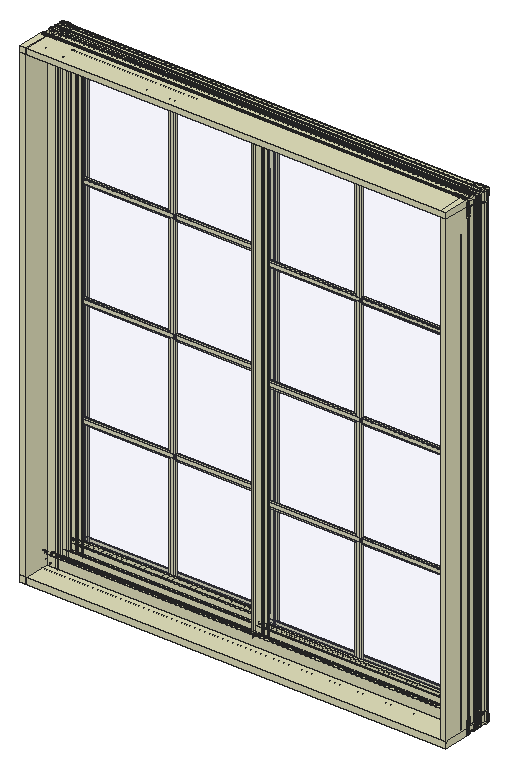
Revit family
Parameters
  Vertical Mullion 2 [instance] = and(Traditional Grille, not(Width > 5' 11 1/2"), and(Width > 5' 11 1/4"))  # no
  Vertical Mullion 1 [instance] = and(Traditional Grille, not(Width > 5' 11 1/4"), and(Width > 1' 11 1/4"))  # yes
  Unit Width = 3' - 11 1/2"
  Unit Height = 4' - 5 1/2"
  URL = "www.pella.com"
  Traditional Grille [instance] = yes
  Size Constraints = "Window Sizing constraints available in 1/4 inch (6.35 mm) increments"  # constant formula
  Set Back = 0' - 1 5/16"
  Series = "Impervia Series"  # constant formula
  Sections = ""
  Sash Width = Width - 0' 2 1/2"  # 3' - 9"
  Rough Width = Width + 0' 0 1/2"  # 4' - 0"
  Rough Height = Height + 0' 0 1/2"  # 4' - 6"
  Revisions Date = "07/29/2009"  # constant formula
  Prairie Grille [instance] = no
  OmniClass 23 = "23-30 00 00,23-30 20 00,23-30 20 14 17,23-30 20 17,23-30 20 17 14,23-30 20 17 14 14"  # constant formula
  MasterFormat 2004 = "08 00 00,08 50 00,08 52 00,08 53 13"  # constant formula
  Manufacturer = "Pella Windows & Doors"  # constant formula
  LEED = ""
  Interior Finish = Pella-Exterior Clad-Tan
  Horizontal Mullion 4 [instance] = and(Traditional Grille, not(Height > 5' 11 1/2"), and(Height > 5' 11 1/4"))  # no
  Horizontal Mullion 3 [instance] = and(Traditional Grille, not(Height > 5' 11 1/4"), and(Height > 3' 11 1/4"))  # yes
  Horizontal Mullion 2 [instance] = and(Traditional Grille, not(Height > 3' 11 1/4"), and(Height > 2' 11 1/4"))  # no
  Horizontal Mullion 1 [instance] = and(Traditional Grille, not(Height > 2' 11 1/4"), and(Height > 1' 5 1/4"))  # no
  Height = if(or(and(Unit Height < 5' 11 1/2", Unit Height > 1' 5 1/2"), or(Unit Height = 5' 11 1/2", Unit Height = 1' 5 1/2")), Unit Height, if(Unit Height < 1' 5 1/2", 1' 5 1/2", 5' 11 1/2"))  # 4' - 5 1/2"
  Head Height = Default Sill Height + Height  # 7' - 1"
  Grille Finish = Pella-Exterior Clad-Tan
  Glazing Type = Pella-Argon Filled, Low-E Insulating Glass
  Glazing = 0' - 0.71394"  # constant formula
  Exterior Finish = Pella-Exterior Clad-Tan
  Description = "Sliding Window - Fixed/Vent Unit"  # constant formula
  Default Sill Height = 2' - 7 1/2"
  Wall Closure = (empty or 0)
  Width = if(or(and(Unit Width < 5' 11 1/2", Unit Width > 1' 11 1/2"), or(Unit Width = 5' 11 1/2", Unit Width = 1' 11 1/2")), Unit Width, if(Unit Width < 1' 11 1/2", 1' 11 1/2", 5' 11 1/2"))  # 3' - 11 1/2"
  Assembly Code = "B2020100"
  Architectural Design Manual = "www.pellaadm.com"
  Architectural Data Sheet = "To be determined"
Reference planes (in)
  plane 1: y = 0
  plane 2 "Center (Left/Right)": x = 0
  plane 3 "Left": x = -23.75
  plane 4 "Right": x = 23.75
  plane 5 "Sill": z = 31.5
  plane 6 "Head": z = 85
  plane 7 "Exterior": y = 2.95276
  plane 8 "Interior": y = -2.95276
  plane 9 "Exterior Facade": y = 4.26526
  plane 10 "Set Back": y = 2.95276
  plane 11 "Left Sash": x = -22.5
  plane 12 "Right Sash": x = 22.5
  plane 13 "Interior Left": x = -21.0132
  plane 14 "Interior Right": x = 21.0132
  plane 15 "Head (Interior)": z = 83.75
  plane 16 "Sill (Interior)": z = 32.75
  plane 17 "Head-Interior": z = 82.2632
  plane 18 "Sill-Interior": z = 34.2368
  plane 19: z = 58.25
  plane 20 "Glazing Exterior - Exterior": y = 2.7192
  plane 21 "Glazing Exterior - Interior": y = 2.60109
  plane 22 "Glazing Interior - Exterior": y = 2.00526
  plane 23 "Glazing Interior - Interior": y = 2.12337
  plane 24 "2nd Glazing Head": z = 81.96131
  plane 25 "2nd Glazing Sill": z = 34.53869
  plane 26: x = 20.71131
  plane 27: x = -20.71131
  plane 28: x = 22.28129
  plane 29: x = 22.33637
  plane 30: x = 22.36729
  plane 31: x = 21.63029
  plane 32: x = 21.35029
  plane 33: x = 21.28029
  plane 34: x = 20.71766
  plane 35: x = 23.125
  plane 36: y = -0.04722
  plane 37: x = -23.125
  plane 38: y = -0.04722
  plane 39: z = 32.125
  plane 40: y = -0.04722
  plane 41: y = -0.04722
  plane 42: z = 84.375
  plane 43: z = 82.53029
  plane 44: z = 33.96971
  plane 45: x = -21.28029
  plane 46: x = 21.28029
  plane 47: x = -0.62953
  plane 48: x = 0.62953
  plane 49: x = -0.89661
  plane 50: x = 0.89661
  plane 51: x = -10.95491
  plane 52: x = 10.95491
  plane 53: y = 0.56855
  plane 54 "Glazing Interior - Exterior2": y = 0.68666
  plane 55: y = 1.16437
  plane 56 "Glazing Exterior - Exterior2": y = 1.28248
  plane 57: x = -0.42645
  plane 58: x = 0.42644
  plane 59: x = -14.3967
  plane 60: x = -7.51312
  plane 61: x = 7.51312
  plane 62: x = 14.3967
  plane 63: x = 14.7717
  plane 64: x = 14.0217
  plane 65: x = 7.88812
  plane 66: x = 7.13812
  plane 67: x = -14.7717
  plane 68: x = -14.0217
  plane 69: x = -7.88812
  plane 70: x = -7.13812
  plane 71: z = 50.2456
  plane 72: z = 66.2544
  plane 73: z = 50.6206
  plane 74: z = 49.8706
  plane 75: z = 65.8794
  plane 76: z = 66.6294
  plane 77: z = 66.6294
  plane 78: z = 65.8794
  plane 79: z = 50.6206
  plane 80: z = 49.8706
  plane 81: z = 46.2434
  plane 82: z = 58.25
  plane 83: z = 70.2566
  plane 84: z = 46.6184
  plane 85: z = 45.8684
  plane 86: z = 57.875
  plane 87: z = 58.625
  plane 88: z = 69.8816
  plane 89: z = 70.6316
  plane 90: z = 46.6184
  plane 91: z = 45.8684
  plane 92: z = 58.625
  plane 93: z = 57.875
  plane 94: z = 70.6316
  plane 95: z = 69.8816
  plane 96: z = 43.84208
  plane 97: z = 53.44736
  plane 98: z = 63.05264
  plane 99: z = 72.65792
  plane 100: z = 44.21708
  plane 101: z = 43.46708
  plane 102: z = 53.82236
  plane 103: z = 53.07236
  plane 104: z = 63.42764
  plane 105: z = 62.67764
  plane 106: z = 73.03292
  plane 107: z = 72.28292
  plane 108: z = 44.21708
  plane 109: z = 43.46708
  plane 110: z = 53.82236
  plane 111: z = 53.07236
  plane 112: z = 63.42764
  plane 113: z = 62.67764
  plane 114: z = 73.03292
  plane 115: z = 72.28292
  plane 116: x = 17.8636
  plane 117: x = 18.2386
  plane 118: x = 17.4886
  plane 119: x = -17.8636
  plane 120: x = -18.2386
  plane 121: x = -17.4886
  plane 122: z = 37.88802
  plane 123: z = 37.13802
  plane 124: z = 37.51302
  plane 125: z = 78.61198
  plane 126: z = 79.36198
  plane 127: z = 78.98698
  plane 128: z = 37.88802
  plane 129: z = 37.13802
  plane 130: z = 37.51302
  plane 131: z = 78.61198
  plane 132: z = 79.36198
  plane 133: z = 78.98698
  plane 134: x = 21.20155
  plane 135: z = 82.45155
  plane 136: x = 0.70827
  plane 137: z = 34.04845
  plane 138: x = 21.20155
  plane 139: z = 82.45155
  plane 140: x = 0.70827
  plane 141: z = 34.04845
  plane 142: x = -0.70827
  plane 143: z = 82.45155
  plane 144: x = -20.93446
  plane 145: z = 34.04845
  plane 146: x = -0.70827
  plane 147: z = 82.45155
  plane 148: x = -20.93446
  plane 149: z = 34.04845
Forms (in)
  Sweep 1, solid, material "Pella-Exterior Clad-Tan" <- "Exterior Finish"
    path origin (0, 2.95276, 0) x (1, 0, 0) y (0, 0, 1)
      loop
        line (-23.75, 31.5) -> (-23.75, 85)
    profile origin (-23.75, 2.95276, 58.25) x (-1, 0, 0) y (0, -1, 0)
      loop
        line (-0.22, 1.91998) -> (-0.22, 2.54998)
        arc (-0.22, 2.54998) -> (-0.18339, 2.63837) -> (-0.095, 2.67498) r 0.125
        arc (-0.095, 2.67498) -> (-0.06318, 2.68816) -> (-0.05, 2.71998) r 0.045
        line (-0.05, 2.71998) -> (-0.05, 2.90498)
        arc (-0.05, 2.90498) -> (-0.06318, 2.9368) -> (-0.095, 2.94998) r 0.045
        line (-0.095, 2.94998) -> (-1.688, 2.94998)
        arc (-1.688, 2.94998) -> (-1.71982, 2.9368) -> (-1.733, 2.90498) r 0.045
        line (-1.733, 2.90498) -> (-1.733, 2.82998)
        arc (-1.733, 2.82998) -> (-1.71982, 2.79816) -> (-1.688, 2.78498) r 0.045
        line (-1.688, 2.78498) -> (-1.52789, 2.78498)
        arc (-1.52789, 2.78498) -> (-1.47948, 2.76554) -> (-1.45796, 2.71802) r 0.07
        arc (-1.45796, 2.71802) -> (-1.44412, 2.68748) -> (-1.413, 2.67498) r 0.045
        line (-1.413, 2.67498) -> (-0.938, 2.67498)
        arc (-0.938, 2.67498) -> (-0.89016, 2.66547) -> (-0.84961, 2.63837) r 0.125
        arc (-0.84961, 2.63837) -> (-0.82252, 2.59782) -> (-0.813, 2.54998) r 0.125
        line (-0.813, 2.54998) -> (-0.813, 1.91998)
        arc (-0.813, 1.91998) -> (-0.79982, 1.88816) -> (-0.768, 1.87498) r 0.045
        line (-0.768, 1.87498) -> (-0.265, 1.87498)
        arc (-0.265, 1.87498) -> (-0.23318, 1.88816) -> (-0.22, 1.91998) r 0.045
      loop
        arc (-0.84961, 1.50359) -> (-0.89016, 1.4765) -> (-0.938, 1.46698) r 0.125
        line (-0.938, 1.46698) -> (-1.688, 1.46698)
        arc (-1.688, 1.46698) -> (-1.71982, 1.4538) -> (-1.733, 1.42198) r 0.045
        line (-1.733, 1.42198) -> (-1.733, 1.23198)
        arc (-1.733, 1.23198) -> (-1.71982, 1.20016) -> (-1.688, 1.18698) r 0.045
        line (-1.688, 1.18698) -> (-1.305, 1.18698)
        arc (-1.305, 1.18698) -> (-1.20318, 1.1448) -> (-1.161, 1.04298) r 0.144
        line (-1.161, 1.04298) -> (-1.161, 0.70298)
        arc (-1.161, 0.70298) -> (-1.19758, 0.62488) -> (-1.281, 0.60298) r 0.10167
        arc (-1.281, 0.60298) -> (-1.29514, 0.59712) -> (-1.301, 0.58298) r 0.02
        line (-1.301, 0.58298) -> (-1.301, 0.24498)
        arc (-1.301, 0.24498) -> (-1.2805, 0.19548) -> (-1.231, 0.17498) r 0.07
        line (-1.231, 0.17498) -> (-0.94153, 0.17498)
        arc (-0.94153, 0.17498) -> (-0.87464, 0.14847) -> (-0.84408, 0.08333) r 0.09764
        arc (-0.84408, 0.08333) -> (-0.828, 0.05928) -> (-0.80061, 0.04998) r 0.045
        line (-0.80061, 0.04998) -> (-0.095, 0.04998)
        arc (-0.095, 0.04998) -> (-0.06318, 0.06316) -> (-0.05, 0.09498) r 0.045
        line (-0.05, 0.09498) -> (-0.05, 0.27998)
        arc (-0.05, 0.27998) -> (-0.06318, 0.3118) -> (-0.095, 0.32498) r 0.045
        arc (-0.095, 0.32498) -> (-0.18339, 0.36159) -> (-0.22, 0.44998) r 0.125
        line (-0.22, 0.44998) -> (-0.22, 1.75998)
        arc (-0.22, 1.75998) -> (-0.23318, 1.7918) -> (-0.265, 1.80498) r 0.045
        line (-0.265, 1.80498) -> (-0.768, 1.80498)
        arc (-0.768, 1.80498) -> (-0.79982, 1.7918) -> (-0.813, 1.75998) r 0.045
        line (-0.813, 1.75998) -> (-0.813, 1.59198)
        arc (-0.813, 1.59198) -> (-0.82252, 1.54414) -> (-0.84961, 1.50359) r 0.125
      loop
        arc (-1.008, 1.54377) -> (-1.018, 1.56109) -> (-1.038, 1.56109) r 0.02
        line (-1.038, 1.56109) -> (-1.09816, 1.52636)
        arc (-1.09816, 1.52636) -> (-1.11505, 1.51937) -> (-1.13316, 1.51698) r 0.07
        line (-1.13316, 1.51698) -> (-1.688, 1.51698)
        arc (-1.688, 1.51698) -> (-1.75518, 1.48916) -> (-1.783, 1.42198) r 0.095
        line (-1.783, 1.42198) -> (-1.783, 1.13596)
        arc (-1.783, 1.13596) -> (-1.75497, 1.10845) -> (-1.72798, 1.13698) r 0.02752
        line (-1.72798, 1.13698) -> (-1.305, 1.13698)
        arc (-1.305, 1.13698) -> (-1.23853, 1.10945) -> (-1.211, 1.04298) r 0.094
        line (-1.211, 1.04298) -> (-1.211, 0.70298)
        arc (-1.211, 0.70298) -> (-1.23313, 0.65997) -> (-1.281, 0.65298) r 0.05286
        arc (-1.281, 0.65298) -> (-1.3305, 0.63248) -> (-1.351, 0.58298) r 0.07
        line (-1.351, 0.58298) -> (-1.351, 0.24498)
        arc (-1.351, 0.24498) -> (-1.31585, 0.16013) -> (-1.231, 0.12498) r 0.12
        line (-1.231, 0.12498) -> (-0.96185, 0.12498)
        arc (-0.96185, 0.12498) -> (-0.90983, 0.10349) -> (-0.88741, 0.05186) r 0.07499
        arc (-0.88741, 0.05186) -> (-0.86241, 0.01445) -> (-0.81979, -0.00002) r 0.07
        line (-0.81979, -0.00002) -> (-0.095, -0.00002)
        arc (-0.095, -0.00002) -> (-0.02782, 0.02781) -> (0, 0.09498) r 0.095
        line (0, 0.09498) -> (0, 0.27998)
        arc (0, 0.27998) -> (-0.02782, 0.34716) -> (-0.095, 0.37498) r 0.095
        arc (-0.095, 0.37498) -> (-0.13389, 0.39109) -> (-0.15, 0.42998) r 0.055
        line (-0.15, 0.42998) -> (-0.15, 0.8212)
        arc (-0.15, 0.8212) -> (-0.14048, 0.86904) -> (-0.11339, 0.90959) r 0.125
        line (-0.11339, 0.90959) -> (-0.03318, 0.9898)
        arc (-0.03318, 0.9898) -> (-0.02343, 1.0044) -> (-0.02, 1.02162) r 0.045
        line (-0.02, 1.02162) -> (-0.02, 1.08198)
        arc (-0.02, 1.08198) -> (-0.02892, 1.10247) -> (-0.05, 1.10991) r 0.028
        arc (-0.05, 1.10991) -> (-0.07108, 1.10247) -> (-0.08, 1.08198) r 0.028
        line (-0.08, 1.08198) -> (-0.08, 1.03498) -> (-0.13, 1.03498)
        arc (-0.13, 1.03498) -> (-0.14414, 1.04084) -> (-0.15, 1.05498) r 0.02
        line (-0.15, 1.05498) -> (-0.15, 1.51498)
        arc (-0.15, 1.51498) -> (-0.14414, 1.52912) -> (-0.13, 1.53498) r 0.02
        line (-0.13, 1.53498) -> (-0.08, 1.53498) -> (-0.08, 1.48798)
        arc (-0.08, 1.48798) -> (-0.07108, 1.46749) -> (-0.05, 1.46005) r 0.028
        arc (-0.05, 1.46005) -> (-0.02892, 1.46749) -> (-0.02, 1.48798) r 0.028
        line (-0.02, 1.48798) -> (-0.02, 1.54834)
        arc (-0.02, 1.54834) -> (-0.02343, 1.56556) -> (-0.03318, 1.58016) r 0.045
        line (-0.03318, 1.58016) -> (-0.1235, 1.67048)
        arc (-0.1235, 1.67048) -> (-0.13862, 1.68879) -> (-0.15, 1.70962) r 0.125
        arc (-0.15, 1.70962) -> (-0.13818, 1.74002) -> (-0.10892, 1.75445) r 0.045
        line (-0.10892, 1.75445) -> (-0.04108, 1.76039)
        arc (-0.04108, 1.76039) -> (-0.01182, 1.77481) -> (0, 1.80522) r 0.045
        line (0, 1.80522) -> (0, 1.87275)
        arc (0, 1.87275) -> (-0.01182, 1.90315) -> (-0.04108, 1.91757) r 0.045
        line (-0.04108, 1.91757) -> (-0.10892, 1.92351)
        arc (-0.10892, 1.92351) -> (-0.13818, 1.93794) -> (-0.15, 1.96834) r 0.045
        line (-0.15, 1.96834) -> (-0.15, 2.56998)
        arc (-0.15, 2.56998) -> (-0.13389, 2.60887) -> (-0.095, 2.62498) r 0.055
        arc (-0.095, 2.62498) -> (-0.02782, 2.65281) -> (0, 2.71998) r 0.095
        line (0, 2.71998) -> (0, 2.90498)
        arc (0, 2.90498) -> (-0.02782, 2.97216) -> (-0.095, 2.99998) r 0.095
        line (-0.095, 2.99998) -> (-1.688, 2.99998)
        arc (-1.688, 2.99998) -> (-1.75518, 2.97216) -> (-1.783, 2.90498) r 0.095
        line (-1.783, 2.90498) -> (-1.783, 2.69498)
        arc (-1.783, 2.69498) -> (-1.75702, 2.63992) -> (-1.698, 2.62498) r 0.07132
        arc (-1.698, 2.62498) -> (-1.67592, 2.63467) -> (-1.6681, 2.65748) r 0.03
        arc (-1.6681, 2.65748) -> (-1.67592, 2.68029) -> (-1.698, 2.68998) r 0.03
        arc (-1.698, 2.68998) -> (-1.7205, 2.71248) -> (-1.698, 2.73498) r 0.0225
        line (-1.698, 2.73498) -> (-1.528, 2.73498)
        arc (-1.528, 2.73498) -> (-1.5055, 2.71248) -> (-1.528, 2.68998) r 0.0225
        arc (-1.528, 2.68998) -> (-1.55008, 2.68029) -> (-1.5579, 2.65748) r 0.03
        arc (-1.5579, 2.65748) -> (-1.55008, 2.63467) -> (-1.528, 2.62498) r 0.03
        line (-1.528, 2.62498) -> (-1.13316, 2.62498)
        arc (-1.13316, 2.62498) -> (-1.11505, 2.6226) -> (-1.09816, 2.6156) r 0.07
        line (-1.09816, 2.6156) -> (-1.038, 2.58087)
        arc (-1.038, 2.58087) -> (-1.018, 2.58087) -> (-1.008, 2.59819) r 0.02
        arc (-1.008, 2.59819) -> (-1.0045, 2.61644) -> (-0.988, 2.62498) r 0.02128
        line (-0.988, 2.62498) -> (-0.95454, 2.62498)
        arc (-0.95454, 2.62498) -> (-0.90349, 2.59864) -> (-0.883, 2.54498) r 0.0805
        line (-0.883, 2.54498) -> (-0.883, 1.59698)
        arc (-0.883, 1.59698) -> (-0.90349, 1.54332) -> (-0.95454, 1.51698) r 0.0805
        line (-0.95454, 1.51698) -> (-0.988, 1.51698)
        arc (-0.988, 1.51698) -> (-1.0045, 1.52552) -> (-1.008, 1.54377) r 0.02128
  Sweep 2, solid, material "Pella-Exterior Clad-Tan" <- "Exterior Finish"
    path origin (0, 2.95276, 0) x (1, 0, 0) y (0, 0, 1)
      loop
        line (23.75, 31.5) -> (23.75, 85)
    profile origin (23.75, 2.95276, 58.25) x (-1, 0, 0) y (0, -1, 0)
      loop
        arc (0.22, 1.91998) -> (0.23318, 1.88816) -> (0.265, 1.87498) r 0.045
        line (0.265, 1.87498) -> (0.768, 1.87498)
        arc (0.768, 1.87498) -> (0.79982, 1.88816) -> (0.813, 1.91998) r 0.045
        line (0.813, 1.91998) -> (0.813, 2.54998)
        arc (0.813, 2.54998) -> (0.82252, 2.59782) -> (0.84961, 2.63837) r 0.125
        arc (0.84961, 2.63837) -> (0.89016, 2.66547) -> (0.938, 2.67498) r 0.125
        line (0.938, 2.67498) -> (1.413, 2.67498)
        arc (1.413, 2.67498) -> (1.44412, 2.68748) -> (1.45796, 2.71802) r 0.045
        arc (1.45796, 2.71802) -> (1.47948, 2.76554) -> (1.52789, 2.78498) r 0.07
        line (1.52789, 2.78498) -> (1.688, 2.78498)
        arc (1.688, 2.78498) -> (1.71982, 2.79816) -> (1.733, 2.82998) r 0.045
        line (1.733, 2.82998) -> (1.733, 2.90498)
        arc (1.733, 2.90498) -> (1.71982, 2.9368) -> (1.688, 2.94998) r 0.045
        line (1.688, 2.94998) -> (0.095, 2.94998)
        arc (0.095, 2.94998) -> (0.06318, 2.9368) -> (0.05, 2.90498) r 0.045
        line (0.05, 2.90498) -> (0.05, 2.71998)
        arc (0.05, 2.71998) -> (0.06318, 2.68816) -> (0.095, 2.67498) r 0.045
        arc (0.095, 2.67498) -> (0.18339, 2.63837) -> (0.22, 2.54998) r 0.125
        line (0.22, 2.54998) -> (0.22, 1.91998)
      loop
        arc (0.84961, 1.50359) -> (0.82252, 1.54414) -> (0.813, 1.59198) r 0.125
        line (0.813, 1.59198) -> (0.813, 1.75998)
        arc (0.813, 1.75998) -> (0.79982, 1.7918) -> (0.768, 1.80498) r 0.045
        line (0.768, 1.80498) -> (0.265, 1.80498)
        arc (0.265, 1.80498) -> (0.23318, 1.7918) -> (0.22, 1.75998) r 0.045
        line (0.22, 1.75998) -> (0.22, 0.44998)
        arc (0.22, 0.44998) -> (0.18339, 0.36159) -> (0.095, 0.32498) r 0.125
        arc (0.095, 0.32498) -> (0.06318, 0.3118) -> (0.05, 0.27998) r 0.045
        line (0.05, 0.27998) -> (0.05, 0.09498)
        arc (0.05, 0.09498) -> (0.06318, 0.06316) -> (0.095, 0.04998) r 0.045
        line (0.095, 0.04998) -> (0.80061, 0.04998)
        arc (0.80061, 0.04998) -> (0.828, 0.05928) -> (0.84408, 0.08333) r 0.045
        arc (0.84408, 0.08333) -> (0.87464, 0.14847) -> (0.94153, 0.17498) r 0.09764
        line (0.94153, 0.17498) -> (1.231, 0.17498)
        arc (1.231, 0.17498) -> (1.2805, 0.19548) -> (1.301, 0.24498) r 0.07
        line (1.301, 0.24498) -> (1.301, 0.58298)
        arc (1.301, 0.58298) -> (1.29514, 0.59712) -> (1.281, 0.60298) r 0.02
        arc (1.281, 0.60298) -> (1.19758, 0.62488) -> (1.161, 0.70298) r 0.10167
        line (1.161, 0.70298) -> (1.161, 1.04298)
        arc (1.161, 1.04298) -> (1.20318, 1.1448) -> (1.305, 1.18698) r 0.144
        line (1.305, 1.18698) -> (1.688, 1.18698)
        arc (1.688, 1.18698) -> (1.71982, 1.20016) -> (1.733, 1.23198) r 0.045
        line (1.733, 1.23198) -> (1.733, 1.42198)
        arc (1.733, 1.42198) -> (1.71982, 1.4538) -> (1.688, 1.46698) r 0.045
        line (1.688, 1.46698) -> (0.938, 1.46698)
        arc (0.938, 1.46698) -> (0.89016, 1.4765) -> (0.84961, 1.50359) r 0.125
      loop
        arc (1.008, 1.54377) -> (1.0045, 1.52552) -> (0.988, 1.51698) r 0.02128
        line (0.988, 1.51698) -> (0.95454, 1.51698)
        arc (0.95454, 1.51698) -> (0.90349, 1.54332) -> (0.883, 1.59698) r 0.0805
        line (0.883, 1.59698) -> (0.883, 2.54498)
        arc (0.883, 2.54498) -> (0.90349, 2.59864) -> (0.95454, 2.62498) r 0.0805
        line (0.95454, 2.62498) -> (0.988, 2.62498)
        arc (0.988, 2.62498) -> (1.0045, 2.61644) -> (1.008, 2.59819) r 0.02128
        arc (1.008, 2.59819) -> (1.018, 2.58087) -> (1.038, 2.58087) r 0.02
        line (1.038, 2.58087) -> (1.09816, 2.6156)
        arc (1.09816, 2.6156) -> (1.11505, 2.6226) -> (1.13316, 2.62498) r 0.07
        line (1.13316, 2.62498) -> (1.528, 2.62498)
        arc (1.528, 2.62498) -> (1.55008, 2.63467) -> (1.5579, 2.65748) r 0.03
        arc (1.5579, 2.65748) -> (1.55008, 2.68029) -> (1.528, 2.68998) r 0.03
        arc (1.528, 2.68998) -> (1.5055, 2.71248) -> (1.528, 2.73498) r 0.0225
        line (1.528, 2.73498) -> (1.698, 2.73498)
        arc (1.698, 2.73498) -> (1.7205, 2.71248) -> (1.698, 2.68998) r 0.0225
        arc (1.698, 2.68998) -> (1.67592, 2.68029) -> (1.6681, 2.65748) r 0.03
        arc (1.6681, 2.65748) -> (1.67592, 2.63467) -> (1.698, 2.62498) r 0.03
        arc (1.698, 2.62498) -> (1.75702, 2.63992) -> (1.783, 2.69498) r 0.07132
        line (1.783, 2.69498) -> (1.783, 2.90498)
        arc (1.783, 2.90498) -> (1.75518, 2.97216) -> (1.688, 2.99998) r 0.095
        line (1.688, 2.99998) -> (0.095, 2.99998)
        arc (0.095, 2.99998) -> (0.02782, 2.97216) -> (0, 2.90498) r 0.095
        line (0, 2.90498) -> (0, 2.71998)
        arc (0, 2.71998) -> (0.02782, 2.65281) -> (0.095, 2.62498) r 0.095
        arc (0.095, 2.62498) -> (0.13389, 2.60887) -> (0.15, 2.56998) r 0.055
        line (0.15, 2.56998) -> (0.15, 1.96834)
        arc (0.15, 1.96834) -> (0.13818, 1.93794) -> (0.10892, 1.92351) r 0.045
        line (0.10892, 1.92351) -> (0.04108, 1.91757)
        arc (0.04108, 1.91757) -> (0.01182, 1.90315) -> (0, 1.87275) r 0.045
        line (0, 1.87275) -> (0, 1.80522)
        arc (0, 1.80522) -> (0.01182, 1.77481) -> (0.04108, 1.76039) r 0.045
        line (0.04108, 1.76039) -> (0.10892, 1.75445)
        arc (0.10892, 1.75445) -> (0.13818, 1.74002) -> (0.15, 1.70962) r 0.045
        arc (0.15, 1.70962) -> (0.13862, 1.68879) -> (0.1235, 1.67048) r 0.125
        line (0.1235, 1.67048) -> (0.03318, 1.58016)
        arc (0.03318, 1.58016) -> (0.02343, 1.56556) -> (0.02, 1.54834) r 0.045
        line (0.02, 1.54834) -> (0.02, 1.48798)
        arc (0.02, 1.48798) -> (0.02892, 1.46749) -> (0.05, 1.46005) r 0.028
        arc (0.05, 1.46005) -> (0.07108, 1.46749) -> (0.08, 1.48798) r 0.028
        line (0.08, 1.48798) -> (0.08, 1.53498) -> (0.13, 1.53498)
        arc (0.13, 1.53498) -> (0.14414, 1.52912) -> (0.15, 1.51498) r 0.02
        line (0.15, 1.51498) -> (0.15, 1.05498)
        arc (0.15, 1.05498) -> (0.14414, 1.04084) -> (0.13, 1.03498) r 0.02
        line (0.13, 1.03498) -> (0.08, 1.03498) -> (0.08, 1.08198)
        arc (0.08, 1.08198) -> (0.07108, 1.10247) -> (0.05, 1.10991) r 0.028
        arc (0.05, 1.10991) -> (0.02892, 1.10247) -> (0.02, 1.08198) r 0.028
        line (0.02, 1.08198) -> (0.02, 1.02162)
        arc (0.02, 1.02162) -> (0.02343, 1.0044) -> (0.03318, 0.9898) r 0.045
        line (0.03318, 0.9898) -> (0.11339, 0.90959)
        arc (0.11339, 0.90959) -> (0.14048, 0.86904) -> (0.15, 0.8212) r 0.125
        line (0.15, 0.8212) -> (0.15, 0.42998)
        arc (0.15, 0.42998) -> (0.13389, 0.39109) -> (0.095, 0.37498) r 0.055
        arc (0.095, 0.37498) -> (0.02782, 0.34716) -> (0, 0.27998) r 0.095
        line (0, 0.27998) -> (0, 0.09498)
        arc (0, 0.09498) -> (0.02782, 0.02781) -> (0.095, -0.00002) r 0.095
        line (0.095, -0.00002) -> (0.81979, -0.00002)
        arc (0.81979, -0.00002) -> (0.86241, 0.01445) -> (0.88741, 0.05186) r 0.07
        arc (0.88741, 0.05186) -> (0.90983, 0.10349) -> (0.96185, 0.12498) r 0.07499
        line (0.96185, 0.12498) -> (1.231, 0.12498)
        arc (1.231, 0.12498) -> (1.31585, 0.16013) -> (1.351, 0.24498) r 0.12
        line (1.351, 0.24498) -> (1.351, 0.58298)
        arc (1.351, 0.58298) -> (1.3305, 0.63248) -> (1.281, 0.65298) r 0.07
        arc (1.281, 0.65298) -> (1.23313, 0.65997) -> (1.211, 0.70298) r 0.05286
        line (1.211, 0.70298) -> (1.211, 1.04298)
        arc (1.211, 1.04298) -> (1.23853, 1.10945) -> (1.305, 1.13698) r 0.094
        line (1.305, 1.13698) -> (1.72798, 1.13698)
        arc (1.72798, 1.13698) -> (1.75497, 1.10845) -> (1.783, 1.13596) r 0.02752
        line (1.783, 1.13596) -> (1.783, 1.42198)
        arc (1.783, 1.42198) -> (1.75518, 1.48916) -> (1.688, 1.51698) r 0.095
        line (1.688, 1.51698) -> (1.13316, 1.51698)
        arc (1.13316, 1.51698) -> (1.11505, 1.51937) -> (1.09816, 1.52636) r 0.07
        line (1.09816, 1.52636) -> (1.038, 1.56109)
        arc (1.038, 1.56109) -> (1.018, 1.56109) -> (1.008, 1.54377) r 0.02
  Sweep 3, solid, material "Pella-Exterior Clad-Tan" <- "Exterior Finish"
    path origin (0, 2.95276, 0) x (1, 0, 0) y (0, 0, 1)
      loop
        line (23.75, 85) -> (-23.75, 85)
    profile origin (0, 2.95276, 85) x (0, 0, -1) y (0, -1, 0)
      loop
        arc (0.22, 1.91998) -> (0.23318, 1.88816) -> (0.265, 1.87498) r 0.045
        line (0.265, 1.87498) -> (0.768, 1.87498)
        arc (0.768, 1.87498) -> (0.79982, 1.88816) -> (0.813, 1.91998) r 0.045
        line (0.813, 1.91998) -> (0.813, 2.54998)
        arc (0.813, 2.54998) -> (0.82252, 2.59782) -> (0.84961, 2.63837) r 0.125
        arc (0.84961, 2.63837) -> (0.89016, 2.66547) -> (0.938, 2.67498) r 0.125
        line (0.938, 2.67498) -> (1.413, 2.67498)
        arc (1.413, 2.67498) -> (1.44412, 2.68748) -> (1.45796, 2.71802) r 0.045
        arc (1.45796, 2.71802) -> (1.47948, 2.76554) -> (1.52789, 2.78498) r 0.07
        line (1.52789, 2.78498) -> (1.688, 2.78498)
        arc (1.688, 2.78498) -> (1.71982, 2.79816) -> (1.733, 2.82998) r 0.045
        line (1.733, 2.82998) -> (1.733, 2.90498)
        arc (1.733, 2.90498) -> (1.71982, 2.9368) -> (1.688, 2.94998) r 0.045
        line (1.688, 2.94998) -> (0.095, 2.94998)
        arc (0.095, 2.94998) -> (0.06318, 2.9368) -> (0.05, 2.90498) r 0.045
        line (0.05, 2.90498) -> (0.05, 2.71998)
        arc (0.05, 2.71998) -> (0.06318, 2.68816) -> (0.095, 2.67498) r 0.045
        arc (0.095, 2.67498) -> (0.18339, 2.63837) -> (0.22, 2.54998) r 0.125
        line (0.22, 2.54998) -> (0.22, 1.91998)
      loop
        arc (0.84961, 1.50359) -> (0.82252, 1.54414) -> (0.813, 1.59198) r 0.125
        line (0.813, 1.59198) -> (0.813, 1.75998)
        arc (0.813, 1.75998) -> (0.79982, 1.7918) -> (0.768, 1.80498) r 0.045
        line (0.768, 1.80498) -> (0.265, 1.80498)
        arc (0.265, 1.80498) -> (0.23318, 1.7918) -> (0.22, 1.75998) r 0.045
        line (0.22, 1.75998) -> (0.22, 0.44998)
        arc (0.22, 0.44998) -> (0.18339, 0.36159) -> (0.095, 0.32498) r 0.125
        arc (0.095, 0.32498) -> (0.06318, 0.3118) -> (0.05, 0.27998) r 0.045
        line (0.05, 0.27998) -> (0.05, 0.09498)
        arc (0.05, 0.09498) -> (0.06318, 0.06316) -> (0.095, 0.04998) r 0.045
        line (0.095, 0.04998) -> (0.80061, 0.04998)
        arc (0.80061, 0.04998) -> (0.828, 0.05928) -> (0.84408, 0.08333) r 0.045
        arc (0.84408, 0.08333) -> (0.87464, 0.14847) -> (0.94153, 0.17498) r 0.09764
        line (0.94153, 0.17498) -> (1.231, 0.17498)
        arc (1.231, 0.17498) -> (1.2805, 0.19548) -> (1.301, 0.24498) r 0.07
        line (1.301, 0.24498) -> (1.301, 0.58298)
        arc (1.301, 0.58298) -> (1.29514, 0.59712) -> (1.281, 0.60298) r 0.02
        arc (1.281, 0.60298) -> (1.19758, 0.62488) -> (1.161, 0.70298) r 0.10167
        line (1.161, 0.70298) -> (1.161, 1.04298)
        arc (1.161, 1.04298) -> (1.20318, 1.1448) -> (1.305, 1.18698) r 0.144
        line (1.305, 1.18698) -> (1.688, 1.18698)
        arc (1.688, 1.18698) -> (1.71982, 1.20016) -> (1.733, 1.23198) r 0.045
        line (1.733, 1.23198) -> (1.733, 1.42198)
        arc (1.733, 1.42198) -> (1.71982, 1.4538) -> (1.688, 1.46698) r 0.045
        line (1.688, 1.46698) -> (0.938, 1.46698)
        arc (0.938, 1.46698) -> (0.89016, 1.4765) -> (0.84961, 1.50359) r 0.125
      loop
        arc (1.008, 1.54377) -> (1.0045, 1.52552) -> (0.988, 1.51698) r 0.02128
        line (0.988, 1.51698) -> (0.95454, 1.51698)
        arc (0.95454, 1.51698) -> (0.90349, 1.54332) -> (0.883, 1.59698) r 0.0805
        line (0.883, 1.59698) -> (0.883, 2.54498)
        arc (0.883, 2.54498) -> (0.90349, 2.59864) -> (0.95454, 2.62498) r 0.0805
        line (0.95454, 2.62498) -> (0.988, 2.62498)
        arc (0.988, 2.62498) -> (1.0045, 2.61644) -> (1.008, 2.59819) r 0.02128
        arc (1.008, 2.59819) -> (1.018, 2.58087) -> (1.038, 2.58087) r 0.02
        line (1.038, 2.58087) -> (1.09816, 2.6156)
        arc (1.09816, 2.6156) -> (1.11505, 2.6226) -> (1.13316, 2.62498) r 0.07
        line (1.13316, 2.62498) -> (1.528, 2.62498)
        arc (1.528, 2.62498) -> (1.55008, 2.63467) -> (1.5579, 2.65748) r 0.03
        arc (1.5579, 2.65748) -> (1.55008, 2.68029) -> (1.528, 2.68998) r 0.03
        arc (1.528, 2.68998) -> (1.5055, 2.71248) -> (1.528, 2.73498) r 0.0225
        line (1.528, 2.73498) -> (1.698, 2.73498)
        arc (1.698, 2.73498) -> (1.7205, 2.71248) -> (1.698, 2.68998) r 0.0225
        arc (1.698, 2.68998) -> (1.67592, 2.68029) -> (1.6681, 2.65748) r 0.03
        arc (1.6681, 2.65748) -> (1.67592, 2.63467) -> (1.698, 2.62498) r 0.03
        arc (1.698, 2.62498) -> (1.75702, 2.63992) -> (1.783, 2.69498) r 0.07132
        line (1.783, 2.69498) -> (1.783, 2.90498)
        arc (1.783, 2.90498) -> (1.75518, 2.97216) -> (1.688, 2.99998) r 0.095
        line (1.688, 2.99998) -> (0.095, 2.99998)
        arc (0.095, 2.99998) -> (0.02782, 2.97216) -> (0, 2.90498) r 0.095
        line (0, 2.90498) -> (0, 2.71998)
        arc (0, 2.71998) -> (0.02782, 2.65281) -> (0.095, 2.62498) r 0.095
        arc (0.095, 2.62498) -> (0.13389, 2.60887) -> (0.15, 2.56998) r 0.055
        line (0.15, 2.56998) -> (0.15, 1.96834)
        arc (0.15, 1.96834) -> (0.13818, 1.93794) -> (0.10892, 1.92351) r 0.045
        line (0.10892, 1.92351) -> (0.04108, 1.91757)
        arc (0.04108, 1.91757) -> (0.01182, 1.90315) -> (0, 1.87275) r 0.045
        line (0, 1.87275) -> (0, 1.80522)
        arc (0, 1.80522) -> (0.01182, 1.77481) -> (0.04108, 1.76039) r 0.045
        line (0.04108, 1.76039) -> (0.10892, 1.75445)
        arc (0.10892, 1.75445) -> (0.13818, 1.74002) -> (0.15, 1.70962) r 0.045
        arc (0.15, 1.70962) -> (0.13862, 1.68879) -> (0.1235, 1.67048) r 0.125
        line (0.1235, 1.67048) -> (0.03318, 1.58016)
        arc (0.03318, 1.58016) -> (0.02343, 1.56556) -> (0.02, 1.54834) r 0.045
        line (0.02, 1.54834) -> (0.02, 1.48798)
        arc (0.02, 1.48798) -> (0.02892, 1.46749) -> (0.05, 1.46005) r 0.028
        arc (0.05, 1.46005) -> (0.07108, 1.46749) -> (0.08, 1.48798) r 0.028
        line (0.08, 1.48798) -> (0.08, 1.53498) -> (0.13, 1.53498)
        arc (0.13, 1.53498) -> (0.14414, 1.52912) -> (0.15, 1.51498) r 0.02
        line (0.15, 1.51498) -> (0.15, 1.05498)
        arc (0.15, 1.05498) -> (0.14414, 1.04084) -> (0.13, 1.03498) r 0.02
        line (0.13, 1.03498) -> (0.08, 1.03498) -> (0.08, 1.08198)
        arc (0.08, 1.08198) -> (0.07108, 1.10247) -> (0.05, 1.10991) r 0.028
        arc (0.05, 1.10991) -> (0.02892, 1.10247) -> (0.02, 1.08198) r 0.028
        line (0.02, 1.08198) -> (0.02, 1.02162)
        arc (0.02, 1.02162) -> (0.02343, 1.0044) -> (0.03318, 0.9898) r 0.045
        line (0.03318, 0.9898) -> (0.11339, 0.90959)
        arc (0.11339, 0.90959) -> (0.14048, 0.86904) -> (0.15, 0.8212) r 0.125
        line (0.15, 0.8212) -> (0.15, 0.42998)
        arc (0.15, 0.42998) -> (0.13389, 0.39109) -> (0.095, 0.37498) r 0.055
        arc (0.095, 0.37498) -> (0.02782, 0.34716) -> (0, 0.27998) r 0.095
        line (0, 0.27998) -> (0, 0.09498)
        arc (0, 0.09498) -> (0.02782, 0.02781) -> (0.095, -0.00002) r 0.095
        line (0.095, -0.00002) -> (0.81979, -0.00002)
        arc (0.81979, -0.00002) -> (0.86241, 0.01445) -> (0.88741, 0.05186) r 0.07
        arc (0.88741, 0.05186) -> (0.90983, 0.10349) -> (0.96185, 0.12498) r 0.07499
        line (0.96185, 0.12498) -> (1.231, 0.12498)
        arc (1.231, 0.12498) -> (1.31585, 0.16013) -> (1.351, 0.24498) r 0.12
        line (1.351, 0.24498) -> (1.351, 0.58298)
        arc (1.351, 0.58298) -> (1.3305, 0.63248) -> (1.281, 0.65298) r 0.07
        arc (1.281, 0.65298) -> (1.23313, 0.65997) -> (1.211, 0.70298) r 0.05286
        line (1.211, 0.70298) -> (1.211, 1.04298)
        arc (1.211, 1.04298) -> (1.23853, 1.10945) -> (1.305, 1.13698) r 0.094
        line (1.305, 1.13698) -> (1.72798, 1.13698)
        arc (1.72798, 1.13698) -> (1.75497, 1.10845) -> (1.783, 1.13596) r 0.02752
        line (1.783, 1.13596) -> (1.783, 1.42198)
        arc (1.783, 1.42198) -> (1.75518, 1.48916) -> (1.688, 1.51698) r 0.095
        line (1.688, 1.51698) -> (1.13316, 1.51698)
        arc (1.13316, 1.51698) -> (1.11505, 1.51937) -> (1.09816, 1.52636) r 0.07
        line (1.09816, 1.52636) -> (1.038, 1.56109)
        arc (1.038, 1.56109) -> (1.018, 1.56109) -> (1.008, 1.54377) r 0.02
  Sweep 4, solid, material "Pella-Exterior Clad-Tan" <- "Exterior Finish"
    path origin (0, 2.95276, 0) x (1, 0, 0) y (0, 0, 1)
      loop
        line (23.75, 31.5) -> (-23.75, 31.5)
    profile origin (0, 2.95276, 31.5) x (0, 0, -1) y (0, -1, 0)
      loop
        line (-0.22, 1.91998) -> (-0.22, 2.54998)
        arc (-0.22, 2.54998) -> (-0.18339, 2.63837) -> (-0.095, 2.67498) r 0.125
        arc (-0.095, 2.67498) -> (-0.06318, 2.68816) -> (-0.05, 2.71998) r 0.045
        line (-0.05, 2.71998) -> (-0.05, 2.90498)
        arc (-0.05, 2.90498) -> (-0.06318, 2.9368) -> (-0.095, 2.94998) r 0.045
        line (-0.095, 2.94998) -> (-1.688, 2.94998)
        arc (-1.688, 2.94998) -> (-1.71982, 2.9368) -> (-1.733, 2.90498) r 0.045
        line (-1.733, 2.90498) -> (-1.733, 2.82998)
        arc (-1.733, 2.82998) -> (-1.71982, 2.79816) -> (-1.688, 2.78498) r 0.045
        line (-1.688, 2.78498) -> (-1.52789, 2.78498)
        arc (-1.52789, 2.78498) -> (-1.47948, 2.76554) -> (-1.45796, 2.71802) r 0.07
        arc (-1.45796, 2.71802) -> (-1.44412, 2.68748) -> (-1.413, 2.67498) r 0.045
        line (-1.413, 2.67498) -> (-0.938, 2.67498)
        arc (-0.938, 2.67498) -> (-0.89016, 2.66547) -> (-0.84961, 2.63837) r 0.125
        arc (-0.84961, 2.63837) -> (-0.82252, 2.59782) -> (-0.813, 2.54998) r 0.125
        line (-0.813, 2.54998) -> (-0.813, 1.91998)
        arc (-0.813, 1.91998) -> (-0.79982, 1.88816) -> (-0.768, 1.87498) r 0.045
        line (-0.768, 1.87498) -> (-0.265, 1.87498)
        arc (-0.265, 1.87498) -> (-0.23318, 1.88816) -> (-0.22, 1.91998) r 0.045
      loop
        arc (-0.84961, 1.50359) -> (-0.89016, 1.4765) -> (-0.938, 1.46698) r 0.125
        line (-0.938, 1.46698) -> (-1.688, 1.46698)
        arc (-1.688, 1.46698) -> (-1.71982, 1.4538) -> (-1.733, 1.42198) r 0.045
        line (-1.733, 1.42198) -> (-1.733, 1.23198)
        arc (-1.733, 1.23198) -> (-1.71982, 1.20016) -> (-1.688, 1.18698) r 0.045
        line (-1.688, 1.18698) -> (-1.305, 1.18698)
        arc (-1.305, 1.18698) -> (-1.20318, 1.1448) -> (-1.161, 1.04298) r 0.144
        line (-1.161, 1.04298) -> (-1.161, 0.70298)
        arc (-1.161, 0.70298) -> (-1.19758, 0.62488) -> (-1.281, 0.60298) r 0.10167
        arc (-1.281, 0.60298) -> (-1.29514, 0.59712) -> (-1.301, 0.58298) r 0.02
        line (-1.301, 0.58298) -> (-1.301, 0.24498)
        arc (-1.301, 0.24498) -> (-1.2805, 0.19548) -> (-1.231, 0.17498) r 0.07
        line (-1.231, 0.17498) -> (-0.94153, 0.17498)
        arc (-0.94153, 0.17498) -> (-0.87464, 0.14847) -> (-0.84408, 0.08333) r 0.09764
        arc (-0.84408, 0.08333) -> (-0.828, 0.05928) -> (-0.80061, 0.04998) r 0.045
        line (-0.80061, 0.04998) -> (-0.095, 0.04998)
        arc (-0.095, 0.04998) -> (-0.06318, 0.06316) -> (-0.05, 0.09498) r 0.045
        line (-0.05, 0.09498) -> (-0.05, 0.27998)
        arc (-0.05, 0.27998) -> (-0.06318, 0.3118) -> (-0.095, 0.32498) r 0.045
        arc (-0.095, 0.32498) -> (-0.18339, 0.36159) -> (-0.22, 0.44998) r 0.125
        line (-0.22, 0.44998) -> (-0.22, 1.75998)
        arc (-0.22, 1.75998) -> (-0.23318, 1.7918) -> (-0.265, 1.80498) r 0.045
        line (-0.265, 1.80498) -> (-0.768, 1.80498)
        arc (-0.768, 1.80498) -> (-0.79982, 1.7918) -> (-0.813, 1.75998) r 0.045
        line (-0.813, 1.75998) -> (-0.813, 1.59198)
        arc (-0.813, 1.59198) -> (-0.82252, 1.54414) -> (-0.84961, 1.50359) r 0.125
      loop
        arc (-1.008, 1.54377) -> (-1.018, 1.56109) -> (-1.038, 1.56109) r 0.02
        line (-1.038, 1.56109) -> (-1.09816, 1.52636)
        arc (-1.09816, 1.52636) -> (-1.11505, 1.51937) -> (-1.13316, 1.51698) r 0.07
        line (-1.13316, 1.51698) -> (-1.688, 1.51698)
        arc (-1.688, 1.51698) -> (-1.75518, 1.48916) -> (-1.783, 1.42198) r 0.095
        line (-1.783, 1.42198) -> (-1.783, 1.13596)
        arc (-1.783, 1.13596) -> (-1.75497, 1.10845) -> (-1.72798, 1.13698) r 0.02752
        line (-1.72798, 1.13698) -> (-1.305, 1.13698)
        arc (-1.305, 1.13698) -> (-1.23853, 1.10945) -> (-1.211, 1.04298) r 0.094
        line (-1.211, 1.04298) -> (-1.211, 0.70298)
        arc (-1.211, 0.70298) -> (-1.23313, 0.65997) -> (-1.281, 0.65298) r 0.05286
        arc (-1.281, 0.65298) -> (-1.3305, 0.63248) -> (-1.351, 0.58298) r 0.07
        line (-1.351, 0.58298) -> (-1.351, 0.24498)
        arc (-1.351, 0.24498) -> (-1.31585, 0.16013) -> (-1.231, 0.12498) r 0.12
        line (-1.231, 0.12498) -> (-0.96185, 0.12498)
        arc (-0.96185, 0.12498) -> (-0.90983, 0.10349) -> (-0.88741, 0.05186) r 0.07499
        arc (-0.88741, 0.05186) -> (-0.86241, 0.01445) -> (-0.81979, -0.00002) r 0.07
        line (-0.81979, -0.00002) -> (-0.095, -0.00002)
        arc (-0.095, -0.00002) -> (-0.02782, 0.02781) -> (0, 0.09498) r 0.095
        line (0, 0.09498) -> (0, 0.27998)
        arc (0, 0.27998) -> (-0.02782, 0.34716) -> (-0.095, 0.37498) r 0.095
        arc (-0.095, 0.37498) -> (-0.13389, 0.39109) -> (-0.15, 0.42998) r 0.055
        line (-0.15, 0.42998) -> (-0.15, 0.8212)
        arc (-0.15, 0.8212) -> (-0.14048, 0.86904) -> (-0.11339, 0.90959) r 0.125
        line (-0.11339, 0.90959) -> (-0.03318, 0.9898)
        arc (-0.03318, 0.9898) -> (-0.02343, 1.0044) -> (-0.02, 1.02162) r 0.045
        line (-0.02, 1.02162) -> (-0.02, 1.08198)
        arc (-0.02, 1.08198) -> (-0.02892, 1.10247) -> (-0.05, 1.10991) r 0.028
        arc (-0.05, 1.10991) -> (-0.07108, 1.10247) -> (-0.08, 1.08198) r 0.028
        line (-0.08, 1.08198) -> (-0.08, 1.03498) -> (-0.13, 1.03498)
        arc (-0.13, 1.03498) -> (-0.14414, 1.04084) -> (-0.15, 1.05498) r 0.02
        line (-0.15, 1.05498) -> (-0.15, 1.51498)
        arc (-0.15, 1.51498) -> (-0.14414, 1.52912) -> (-0.13, 1.53498) r 0.02
        line (-0.13, 1.53498) -> (-0.08, 1.53498) -> (-0.08, 1.48798)
        arc (-0.08, 1.48798) -> (-0.07108, 1.46749) -> (-0.05, 1.46005) r 0.028
        arc (-0.05, 1.46005) -> (-0.02892, 1.46749) -> (-0.02, 1.48798) r 0.028
        line (-0.02, 1.48798) -> (-0.02, 1.54834)
        arc (-0.02, 1.54834) -> (-0.02343, 1.56556) -> (-0.03318, 1.58016) r 0.045
        line (-0.03318, 1.58016) -> (-0.1235, 1.67048)
        arc (-0.1235, 1.67048) -> (-0.13862, 1.68879) -> (-0.15, 1.70962) r 0.125
        arc (-0.15, 1.70962) -> (-0.13818, 1.74002) -> (-0.10892, 1.75445) r 0.045
        line (-0.10892, 1.75445) -> (-0.04108, 1.76039)
        arc (-0.04108, 1.76039) -> (-0.01182, 1.77481) -> (0, 1.80522) r 0.045
        line (0, 1.80522) -> (0, 1.87275)
        arc (0, 1.87275) -> (-0.01182, 1.90315) -> (-0.04108, 1.91757) r 0.045
        line (-0.04108, 1.91757) -> (-0.10892, 1.92351)
        arc (-0.10892, 1.92351) -> (-0.13818, 1.93794) -> (-0.15, 1.96834) r 0.045
        line (-0.15, 1.96834) -> (-0.15, 2.56998)
        arc (-0.15, 2.56998) -> (-0.13389, 2.60887) -> (-0.095, 2.62498) r 0.055
        arc (-0.095, 2.62498) -> (-0.02782, 2.65281) -> (0, 2.71998) r 0.095
        line (0, 2.71998) -> (0, 2.90498)
        arc (0, 2.90498) -> (-0.02782, 2.97216) -> (-0.095, 2.99998) r 0.095
        line (-0.095, 2.99998) -> (-1.688, 2.99998)
        arc (-1.688, 2.99998) -> (-1.75518, 2.97216) -> (-1.783, 2.90498) r 0.095
        line (-1.783, 2.90498) -> (-1.783, 2.69498)
        arc (-1.783, 2.69498) -> (-1.75702, 2.63992) -> (-1.698, 2.62498) r 0.07132
        arc (-1.698, 2.62498) -> (-1.67592, 2.63467) -> (-1.6681, 2.65748) r 0.03
        arc (-1.6681, 2.65748) -> (-1.67592, 2.68029) -> (-1.698, 2.68998) r 0.03
        arc (-1.698, 2.68998) -> (-1.7205, 2.71248) -> (-1.698, 2.73498) r 0.0225
        line (-1.698, 2.73498) -> (-1.528, 2.73498)
        arc (-1.528, 2.73498) -> (-1.5055, 2.71248) -> (-1.528, 2.68998) r 0.0225
        arc (-1.528, 2.68998) -> (-1.55008, 2.68029) -> (-1.5579, 2.65748) r 0.03
        arc (-1.5579, 2.65748) -> (-1.55008, 2.63467) -> (-1.528, 2.62498) r 0.03
        line (-1.528, 2.62498) -> (-1.13316, 2.62498)
        arc (-1.13316, 2.62498) -> (-1.11505, 2.6226) -> (-1.09816, 2.6156) r 0.07
        line (-1.09816, 2.6156) -> (-1.038, 2.58087)
        arc (-1.038, 2.58087) -> (-1.018, 2.58087) -> (-1.008, 2.59819) r 0.02
        arc (-1.008, 2.59819) -> (-1.0045, 2.61644) -> (-0.988, 2.62498) r 0.02128
        line (-0.988, 2.62498) -> (-0.95454, 2.62498)
        arc (-0.95454, 2.62498) -> (-0.90349, 2.59864) -> (-0.883, 2.54498) r 0.0805
        line (-0.883, 2.54498) -> (-0.883, 1.59698)
        arc (-0.883, 1.59698) -> (-0.90349, 1.54332) -> (-0.95454, 1.51698) r 0.0805
        line (-0.95454, 1.51698) -> (-0.988, 1.51698)
        arc (-0.988, 1.51698) -> (-1.0045, 1.52552) -> (-1.008, 1.54377) r 0.02128
  Sweep 5, solid, material "Pella-Exterior Clad-Tan" <- "Exterior Finish"
    path origin (0, 2.95276, 0) x (1, 0, 0) y (0, 0, 1)
      loop
        line (0.42644, 32.75) -> (-22.5, 32.75)
    profile origin (-11.03678, 2.95276, 32.75) x (0, 0, -1) y (0, -1, 0)
      loop
        arc (-1.24171, 1.07602) -> (-1.26649, 1.06364) -> (-1.29385, 1.05938) r 0.09
        line (-1.29385, 1.05938) -> (-1.70271, 1.05938)
        arc (-1.70271, 1.05938) -> (-1.75928, 1.03595) -> (-1.78271, 0.97938) r 0.08
        arc (-1.78271, 0.97938) -> (-1.77833, 0.96142) -> (-1.76617, 0.94749) r 0.03901
        line (-1.76617, 0.94749) -> (-1.73271, 0.94749)
        arc (-1.73271, 0.94749) -> (-1.71857, 0.95335) -> (-1.71271, 0.96749) r 0.02
        arc (-1.71271, 0.96749) -> (-1.7063, 0.98297) -> (-1.69082, 0.98938) r 0.02189
        line (-1.69082, 0.98938) -> (-1.26471, 0.98938)
        arc (-1.26471, 0.98938) -> (-1.23289, 0.9762) -> (-1.21971, 0.94438) r 0.045
        line (-1.21971, 0.94438) -> (-1.21971, 0.42852)
        arc (-1.21971, 0.42852) -> (-1.20132, 0.38123) -> (-1.15581, 0.35879) r 0.07
        line (-1.15581, 0.35879) -> (-0.9588, 0.34155)
        arc (-0.9588, 0.34155) -> (-0.92457, 0.29847) -> (-0.9588, 0.25539) r 0.04423
        line (-0.9588, 0.25539) -> (-1.11174, 0.23259)
        arc (-1.11174, 0.23259) -> (-1.14694, 0.2356) -> (-1.16551, 0.20554) r 0.03372
        arc (-1.16551, 0.20554) -> (-1.15221, 0.17345) -> (-1.12012, 0.16015) r 0.04539
        line (-1.12012, 0.16015) -> (-0.26375, 0.16015)
        arc (-0.26375, 0.16015) -> (-0.19295, 0.18948) -> (-0.16363, 0.26028) r 0.10012
        line (-0.16363, 0.26028) -> (-0.16363, 0.99538) -> (-0.13271, 1.0263) -> (-0.13271, 1.08838)
        arc (-0.13271, 1.08838) -> (-0.13857, 1.10252) -> (-0.15271, 1.10838) r 0.02
        line (-0.15271, 1.10838) -> (-1.14033, 1.10838)
        arc (-1.14033, 1.10838) -> (-1.19354, 1.10009) -> (-1.24171, 1.07602) r 0.175
      loop
        arc (-0.8973, 0.36369) -> (-0.87685, 0.33081) -> (-0.86971, 0.29275) r 0.105
        line (-0.86971, 0.29275) -> (-0.86971, 0.26038)
        arc (-0.86971, 0.26038) -> (-0.85653, 0.22856) -> (-0.82471, 0.21538) r 0.045
        line (-0.82471, 0.21538) -> (-0.26371, 0.21538)
        arc (-0.26371, 0.21538) -> (-0.23189, 0.22856) -> (-0.21871, 0.26038) r 0.045
        line (-0.21871, 0.26038) -> (-0.21871, 1.00838)
        arc (-0.21871, 1.00838) -> (-0.23189, 1.0402) -> (-0.26371, 1.05338) r 0.045
        line (-0.26371, 1.05338) -> (-1.10471, 1.05338)
        arc (-1.10471, 1.05338) -> (-1.13653, 1.0402) -> (-1.14971, 1.00838) r 0.045
        line (-1.14971, 1.00838) -> (-1.14971, 0.4547)
        arc (-1.14971, 0.4547) -> (-1.13789, 0.4243) -> (-1.10863, 0.40987) r 0.045
        line (-1.10863, 0.40987) -> (-0.96556, 0.39736)
        arc (-0.96556, 0.39736) -> (-0.92827, 0.38693) -> (-0.8973, 0.36369) r 0.105
  Sweep 6, solid, material "Pella-Exterior Clad-Tan" <- "Exterior Finish"
    path origin (0, 2.95276, 0) x (1, 0, 0) y (0, 0, 1)
      loop
        line (0.42644, 83.75) -> (-22.5, 83.75)
    profile origin (-11.03678, 2.95276, 83.75) x (0, 0, -1) y (0, -1, 0)
      loop
        arc (1.24171, 1.07602) -> (1.19354, 1.10009) -> (1.14033, 1.10838) r 0.175
        line (1.14033, 1.10838) -> (0.15271, 1.10838)
        arc (0.15271, 1.10838) -> (0.13857, 1.10252) -> (0.13271, 1.08838) r 0.02
        line (0.13271, 1.08838) -> (0.13271, 1.0263) -> (0.16363, 0.99538) -> (0.16363, 0.26028)
        arc (0.16363, 0.26028) -> (0.19295, 0.18948) -> (0.26375, 0.16015) r 0.10012
        line (0.26375, 0.16015) -> (1.12012, 0.16015)
        arc (1.12012, 0.16015) -> (1.15221, 0.17345) -> (1.16551, 0.20554) r 0.04539
        arc (1.16551, 0.20554) -> (1.14694, 0.2356) -> (1.11174, 0.23259) r 0.03372
        line (1.11174, 0.23259) -> (0.9588, 0.25539)
        arc (0.9588, 0.25539) -> (0.92457, 0.29847) -> (0.9588, 0.34155) r 0.04423
        line (0.9588, 0.34155) -> (1.15581, 0.35879)
        arc (1.15581, 0.35879) -> (1.20132, 0.38123) -> (1.21971, 0.42852) r 0.07
        line (1.21971, 0.42852) -> (1.21971, 0.94438)
        arc (1.21971, 0.94438) -> (1.23289, 0.9762) -> (1.26471, 0.98938) r 0.045
        line (1.26471, 0.98938) -> (1.69082, 0.98938)
        arc (1.69082, 0.98938) -> (1.7063, 0.98297) -> (1.71271, 0.96749) r 0.02189
        arc (1.71271, 0.96749) -> (1.71857, 0.95335) -> (1.73271, 0.94749) r 0.02
        line (1.73271, 0.94749) -> (1.76617, 0.94749)
        arc (1.76617, 0.94749) -> (1.77833, 0.96142) -> (1.78271, 0.97938) r 0.03901
        arc (1.78271, 0.97938) -> (1.75928, 1.03595) -> (1.70271, 1.05938) r 0.08
        line (1.70271, 1.05938) -> (1.29385, 1.05938)
        arc (1.29385, 1.05938) -> (1.26649, 1.06364) -> (1.24171, 1.07602) r 0.09
      loop
        arc (0.8973, 0.36369) -> (0.92827, 0.38693) -> (0.96556, 0.39736) r 0.105
        line (0.96556, 0.39736) -> (1.10863, 0.40987)
        arc (1.10863, 0.40987) -> (1.13789, 0.4243) -> (1.14971, 0.4547) r 0.045
        line (1.14971, 0.4547) -> (1.14971, 1.00838)
        arc (1.14971, 1.00838) -> (1.13653, 1.0402) -> (1.10471, 1.05338) r 0.045
        line (1.10471, 1.05338) -> (0.26371, 1.05338)
        arc (0.26371, 1.05338) -> (0.23189, 1.0402) -> (0.21871, 1.00838) r 0.045
        line (0.21871, 1.00838) -> (0.21871, 0.26038)
        arc (0.21871, 0.26038) -> (0.23189, 0.22856) -> (0.26371, 0.21538) r 0.045
        line (0.26371, 0.21538) -> (0.82471, 0.21538)
        arc (0.82471, 0.21538) -> (0.85653, 0.22856) -> (0.86971, 0.26038) r 0.045
        line (0.86971, 0.26038) -> (0.86971, 0.29275)
        arc (0.86971, 0.29275) -> (0.87685, 0.33081) -> (0.8973, 0.36369) r 0.105
  Sweep 7, solid, material "Pella-Exterior Clad-Tan" <- "Exterior Finish"
    path origin (0, 2.95276, 0) x (1, 0, 0) y (0, 0, 1)
      loop
        line (22.5, 83.75) -> (22.5, 32.75)
    profile origin (22.5, 2.95276, 58.25) x (0, -1, 0) y (1, 0, 0)
      loop
        arc (2.51274, -1.24171) -> (2.53681, -1.19354) -> (2.54509, -1.14033) r 0.175
        line (2.54509, -1.14033) -> (2.54509, -0.15271)
        arc (2.54509, -0.15271) -> (2.53924, -0.13857) -> (2.52509, -0.13271) r 0.02
        line (2.52509, -0.13271) -> (2.46301, -0.13271) -> (2.43209, -0.16363) -> (1.69699, -0.16363)
        arc (1.69699, -0.16363) -> (1.62619, -0.19295) -> (1.59687, -0.26375) r 0.10012
        line (1.59687, -0.26375) -> (1.59687, -1.12012)
        arc (1.59687, -1.12012) -> (1.61016, -1.15221) -> (1.64225, -1.16551) r 0.04539
        arc (1.64225, -1.16551) -> (1.67232, -1.14694) -> (1.6693, -1.11174) r 0.03372
        line (1.6693, -1.11174) -> (1.69211, -0.9588)
        arc (1.69211, -0.9588) -> (1.73519, -0.92457) -> (1.77827, -0.9588) r 0.04423
        line (1.77827, -0.9588) -> (1.7955, -1.15581)
        arc (1.7955, -1.15581) -> (1.81795, -1.20132) -> (1.86524, -1.21971) r 0.07
        line (1.86524, -1.21971) -> (2.38109, -1.21971)
        arc (2.38109, -1.21971) -> (2.41291, -1.23289) -> (2.42609, -1.26471) r 0.045
        line (2.42609, -1.26471) -> (2.42609, -1.69082)
        arc (2.42609, -1.69082) -> (2.41968, -1.7063) -> (2.40421, -1.71271) r 0.02189
        arc (2.40421, -1.71271) -> (2.39007, -1.71857) -> (2.38421, -1.73271) r 0.02
        line (2.38421, -1.73271) -> (2.38421, -1.76617)
        arc (2.38421, -1.76617) -> (2.39814, -1.77833) -> (2.41609, -1.78271) r 0.03901
        arc (2.41609, -1.78271) -> (2.47266, -1.75928) -> (2.49609, -1.70271) r 0.08
        line (2.49609, -1.70271) -> (2.49609, -1.29385)
        arc (2.49609, -1.29385) -> (2.50036, -1.26649) -> (2.51274, -1.24171) r 0.09
      loop
        arc (1.80041, -0.8973) -> (1.82364, -0.92827) -> (1.83407, -0.96556) r 0.105
        line (1.83407, -0.96556) -> (1.84659, -1.10863)
        arc (1.84659, -1.10863) -> (1.86101, -1.13789) -> (1.89142, -1.14971) r 0.045
        line (1.89142, -1.14971) -> (2.44509, -1.14971)
        arc (2.44509, -1.14971) -> (2.47691, -1.13653) -> (2.49009, -1.10471) r 0.045
        line (2.49009, -1.10471) -> (2.49009, -0.26371)
        arc (2.49009, -0.26371) -> (2.47691, -0.23189) -> (2.44509, -0.21871) r 0.045
        line (2.44509, -0.21871) -> (1.69709, -0.21871)
        arc (1.69709, -0.21871) -> (1.66527, -0.23189) -> (1.65209, -0.26371) r 0.045
        line (1.65209, -0.26371) -> (1.65209, -0.82471)
        arc (1.65209, -0.82471) -> (1.66527, -0.85653) -> (1.69709, -0.86971) r 0.045
        line (1.69709, -0.86971) -> (1.72947, -0.86971)
        arc (1.72947, -0.86971) -> (1.76752, -0.87685) -> (1.80041, -0.8973) r 0.105
  Sweep 8, solid, material "Pella-Exterior Clad-Tan" <- "Exterior Finish"
    path origin (0, 2.95276, 0) x (1, 0, 0) y (0, 0, 1)
      loop
        line (0.42644, 32.75) -> (-22.5, 32.75)
    profile origin (-11.03678, 2.95276, 32.75) x (0, 0, -1) y (0, -1, 0)
      loop
        arc (-1.16584, 0.22529) -> (-1.1383, 0.24955) -> (-1.10836, 0.22831) r 0.02957
        line (-1.10836, 0.22831) -> (-0.96796, 0.29378)
        arc (-0.96796, 0.29378) -> (-0.95487, 0.32512) -> (-0.98486, 0.34107) r 0.02522
        line (-0.98486, 0.34107) -> (-1.0968, 0.28886)
        arc (-1.0968, 0.28886) -> (-1.17828, 0.28791) -> (-1.21625, 0.21581) r 0.07961
        line (-1.21625, 0.21581) -> (-1.71765, 0.21581)
        arc (-1.71765, 0.21581) -> (-1.73793, 0.23008) -> (-1.76245, 0.23373) r 0.05376
        arc (-1.76245, 0.23373) -> (-1.77651, 0.22791) -> (-1.78234, 0.21384) r 0.01989
        arc (-1.78234, 0.21384) -> (-1.77787, 0.18303) -> (-1.75189, 0.16586) r 0.03806
        line (-1.75189, 0.16586) -> (-1.23505, 0.16586)
        arc (-1.23505, 0.16586) -> (-1.18944, 0.18275) -> (-1.16584, 0.22529) r 0.07001
  Sweep 9, solid, material "Pella-Exterior Clad-Tan" <- "Exterior Finish"
    path origin (0, 2.95276, 0) x (1, 0, 0) y (0, 0, 1)
      loop
        line (0.42644, 83.75) -> (-22.5, 83.75)
    profile origin (-11.03678, 2.95276, 83.75) x (0, 0, -1) y (0, -1, 0)
      loop
        arc (1.16584, 0.22529) -> (1.18944, 0.18275) -> (1.23505, 0.16586) r 0.07001
        line (1.23505, 0.16586) -> (1.75189, 0.16586)
        arc (1.75189, 0.16586) -> (1.77787, 0.18303) -> (1.78234, 0.21384) r 0.03806
        arc (1.78234, 0.21384) -> (1.77651, 0.22791) -> (1.76245, 0.23373) r 0.01989
        arc (1.76245, 0.23373) -> (1.73793, 0.23008) -> (1.71765, 0.21581) r 0.05376
        line (1.71765, 0.21581) -> (1.21625, 0.21581)
        arc (1.21625, 0.21581) -> (1.17828, 0.28791) -> (1.0968, 0.28886) r 0.07961
        line (1.0968, 0.28886) -> (0.98486, 0.34107)
        arc (0.98486, 0.34107) -> (0.95487, 0.32512) -> (0.96796, 0.29378) r 0.02522
        line (0.96796, 0.29378) -> (1.10836, 0.22831)
        arc (1.10836, 0.22831) -> (1.1383, 0.24955) -> (1.16584, 0.22529) r 0.02957
  Sweep 10, solid, material "Pella-Exterior Clad-Tan" <- "Exterior Finish"
    path origin (0, 2.95276, 0) x (1, 0, 0) y (0, 0, 1)
      loop
        line (22.5, 83.75) -> (22.5, 32.75)
    profile origin (22.5, 2.95276, 58.25) x (0, -1, 0) y (1, 0, 0)
      loop
        arc (1.662, -1.16584) -> (1.61947, -1.18944) -> (1.60257, -1.23505) r 0.07001
        line (1.60257, -1.23505) -> (1.60257, -1.75189)
        arc (1.60257, -1.75189) -> (1.61974, -1.77787) -> (1.65056, -1.78234) r 0.03806
        arc (1.65056, -1.78234) -> (1.66462, -1.77651) -> (1.67045, -1.76245) r 0.01989
        arc (1.67045, -1.76245) -> (1.66679, -1.73793) -> (1.65253, -1.71765) r 0.05376
        line (1.65253, -1.71765) -> (1.65253, -1.21625)
        arc (1.65253, -1.21625) -> (1.72462, -1.17828) -> (1.72557, -1.0968) r 0.07961
        line (1.72557, -1.0968) -> (1.77778, -0.98486)
        arc (1.77778, -0.98486) -> (1.76184, -0.95487) -> (1.73049, -0.96796) r 0.02522
        line (1.73049, -0.96796) -> (1.66502, -1.10836)
        arc (1.66502, -1.10836) -> (1.68626, -1.1383) -> (1.662, -1.16584) r 0.02957
  Sweep 11, solid, material "Pella-Exterior Clad-Tan" <- "Interior Finish"
    path origin (0, 2.95276, 0) x (1, 0, 0) y (0, 0, 1)
      loop
        line (23.75, 85) -> (23.75, 31.5)
